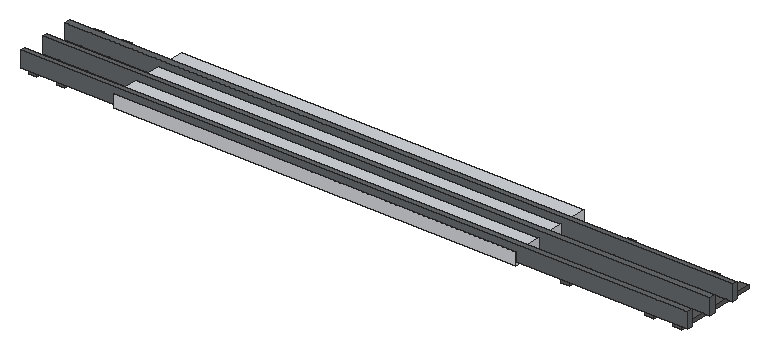
Revit family "1113-3, Solid", category Generic Models, host Face, Revit 2020
Family settings
  Host = Face
  Can host rebar = No
  Round Connector Dimension = Use Diameter
  Part Type = Normal
  Cut with Voids When Loaded = No
  Shared = No
  Room Calculation Point = No
Parameters
  min_value [instance] = 1' - 11 1/4"  # constant formula
  max_value [instance] = 11' - 11 1/4"  # constant formula
  actual_value [instance] = if(NET LENGTH < min_value, min_value, if(NET LENGTH > max_value, max_value, NET LENGTH))  # 7' - 11 1/4"
  SCRIM MATERIAL [instance] = SCRIM
  SCRIM [instance] = yes
  NET LENGTH [instance] = 7' - 11 1/4"
  Default Elevation = 4' - 0"
  BACKER MATERIAL [instance] = BLACK-BACKERS
  .. MEMBER WIDTH [instance] = 0' - 0 3/4"  # constant formula
  .. MEMBER MATERIAL [instance] = Solid Western Hemlock
  .. MEMBER LENGTH [instance] = actual_value  # 7' - 11 1/4"
  .. MEMBER DEPTH [instance] = 0' - 2 1/4"  # constant formula
  .. MEMBER COUNT [instance] = 3  # constant formula
  IMPORTANT NOTE!!!                                                                             *Backer layout is for visualization purposes only, final layout to be determined by 9Wood. [instance] = ""
Reference planes (in)
  plane 1 "Center (Front/Back)": y = 0
  plane 2: z = 1.82209
  plane 3 "Center (Left/Right)": x = 0
Forms (in)
  Extrusion 1, solid
    sketch origin (132, -33.80483, 0) x (1, 0, 0) y (0, 1, 0)
      loop
        line (-118.625, 33.80483) -> (-61.26146, 33.80483) -> (-61.26146, 45.86733) -> (-118.625, 45.86733) -> (-118.625, 33.80483)
    from 1.82209 to 0
Dimensions and locks (in)
  aligned and locked: Extrusion 1 to plane 2
  aligned and locked: plane 3 "Center (Left/Right)" to nested 1
Nested families (in)
  nested 1: "1100 SERIES CONFIG" at (0, 2, 0), .. MEMBER DEPTH <- ".. MEMBER DEPTH", .. MEMBER LENGTH <- ".. MEMBER LENGTH", .. MEMBER WIDTH <- ".. MEMBER WIDTH", .. MEMBER MATERIAL <- ".. MEMBER MATERIAL", BACKING M MATERIAL <- "BACKER MATERIAL", SCRIM  MATERIAL <- "SCRIM MATERIAL", .. MEMBER COUNT <- ".. MEMBER COUNT", SCRIM <- "SCRIM", type "1100 SERIES CONFIG"
    with X 7' - 8", SCRIM OVERHANG 2 0' - 0 3/32", SCRIM OVERHANG 0' - 0 7/8", SCRIM LENGTH 8' - 1", SCRIM  MATERIAL SCRIM, SCRIM yes, NOMINAL LENGTH 7, N 8, Inset 6' - 0 3/8", INSET 0' - 1", INDEX 0' - 5 5/8", HALF MEMBER WIDTH 0' - 0 3/8", HALF LENGTH 3' - 11 5/8", END BACKER yes, BACKING M WIDTH 0' - 1 1/4", BACKING M OC SPACING 1' - 0", BACKING M MATERIAL BLACK-BACKERS, BACKING M LENGTH 0' - 11 7/8", BACKING M DEPTH 0' - 0 1/2", BACKING M COUNT 8, 3/16" INSET 0' - 0 3/16", .. MEMBER WIDTH 0' - 0 3/4", .. MEMBER OC SPACING 0' - 4", .. MEMBER MATERIAL Solid Western Hemlock, .. MEMBER LENGTH 7' - 11 1/4", .. MEMBER DEPTH 0' - 2 1/4", .. MEMBER COUNT 3
Definition of nested family "1100 SERIES CONFIG"
  Parameters (values of type "1100 SERIES CONFIG")
    X [instance] = .. MEMBER LENGTH - 0' 3 1/4"  # 3' - 2"
    SCRIM OVERHANG 2 [instance] = 0' - 0 3/32"  # constant formula
    SCRIM OVERHANG [instance] = 0' - 0 7/8"  # constant formula
    SCRIM LENGTH [instance] = .. MEMBER LENGTH + (SCRIM OVERHANG * 2)  # 3' - 7"
    SCRIM  MATERIAL [instance] = none
    SCRIM [instance] = yes
    NOMINAL LENGTH [instance] = 7
    N [instance] = if((X - (rounddown(X / 1' 0") * 1' 0")) > 1' 0", rounddown(X / 1' 0") + 2, rounddown(X / 1' 0") + 1)  # 4
    Inset [instance] = 6' - 0 3/8"  # constant formula
    INSET [instance] = 0' - 1"  # constant formula
    INDEX [instance] = (.. MEMBER LENGTH - ((N - 1) * 1' 0")) / 2  # 0' - 2 5/8"
    HALF MEMBER WIDTH [instance] = .. MEMBER WIDTH / 2  # 0' - 0 5/16"
    HALF LENGTH [instance] = .. MEMBER LENGTH / 2  # 1' - 8 5/8"
    END BACKER [instance] = INDEX > 0' 3 5/8"  # no
    Default Elevation = 0' - 0"
    BACKING M WIDTH [instance] = 0' - 1 1/4"
    BACKING M SPACING = 3' - 3"
    BACKING M MATERIAL [instance] = none
    BACKING M LENGTH [instance] = 0' - 11 7/8"
    BACKING M DEPTH [instance] = 0' - 0 1/2"
    BACKING M COUNT [instance] = N  # 4
    BACKING M OC SPACING [instance] = 1' - 0"  # constant formula
    3/16" INSET [instance] = 0' - 0 3/16"  # constant formula
    .. MEMBER WIDTH [instance] = 0' - 0 5/8"
    .. MEMBER OC SPACING [instance] = 1' 0" / .. MEMBER COUNT  # 0' - 4"
    .. MEMBER MATERIAL [instance] = none
    .. MEMBER LENGTH [instance] = 3' - 5 1/4"
    .. MEMBER DEPTH [instance] = 0' - 1 3/8"
    .. MEMBER COUNT [instance] = 3
  Reference planes (in)
    plane 1 "Center (Front/Back)": y = -2
    plane 2: z = 0
    plane 3 "Center (Left/Right)": x = 0
    plane 4: x = 1
    plane 5: x = 2.625
    plane 6: x = 20.625
    plane 7: x = 41.25
    plane 8: x = 40.25
    plane 9: x = 14.625
    plane 10: y = -1.8125
    plane 11: y = -1.6875
    plane 12: y = 2.3125
    plane 13: x = 42.125
    plane 14: x = -0.875
    plane 15: z = 0.5
    plane 16: y = 10.0625
    plane 17: y = 10.15625
    plane 18: y = -2.09375
  Dimensions and locks (in)
    "INSET": plane 3 "Center (Left/Right)" to plane 4
    "INDEX": plane 3 "Center (Left/Right)" to plane 5
    "HALF LENGTH": plane 3 "Center (Left/Right)" to plane 6
    ".. MEMBER LENGTH": plane 3 "Center (Left/Right)" to plane 7
    "INSET": plane 8 to plane 7
    equal spacing: group 2, group 3, group 6, group 7  (x3)
    "3/16" INSET": plane 1 "Center (Front/Back)" to plane 10
    ".. MEMBER OC SPACING": plane 12 to plane 11
    "SCRIM OVERHANG": plane 14 to plane 3 "Center (Left/Right)"
    "SCRIM OVERHANG": plane 7 to plane 13
    equal spacing: group 5, group 4, group 1  (x2)
    equal spacing: group 1, group 4, group 5
    "HALF MEMBER WIDTH": plane 1 "Center (Front/Back)" to plane 11
    "BACKING M OC SPACING": plane 5 to plane 9
    "SCRIM OVERHANG 2": plane 17 to plane 16
    "SCRIM OVERHANG 2": plane 18 to plane 1 "Center (Front/Back)"
    aligned and locked: level to plane 2
    aligned and locked: plane 6 to nested 1
    aligned and locked: nested 2 to plane 4
    aligned and locked: plane 5 to nested 3
    aligned and locked: plane 1 "Center (Front/Back)" to nested 1
    aligned and locked: nested 2 to plane 10
    aligned and locked: nested 3 to plane 10
    aligned and locked: nested 5 to plane 10
    aligned and locked: nested 4 to plane 10
    aligned and locked: plane 12 to nested 6
    aligned and locked: nested 6 to plane 3 "Center (Left/Right)"
    aligned and locked: plane 9 to nested 5
    aligned and locked: plane 8 to nested 4
    aligned and locked: plane 15 to nested 2
    aligned and locked: nested 7 to plane 15
    aligned and locked: nested 6 to plane 15
  Nested families (in)
    nested 1: "INSTANCE - Parametric Cube" at (20.625, -1.6875, 1.875), Length <- ".. MEMBER WIDTH", Height <- ".. MEMBER DEPTH", Width <- ".. MEMBER LENGTH", Material <- ".. MEMBER MATERIAL", type "INSTANCE - Parametric Cube"
      with Width 3' - 5 1/4", Material none, Length 0' - 0 5/8", Height 0' - 1 3/8"
    nested 2: "2ND INSTANCE - Parametric Cube" at (1.625, 4.125, 0), Height <- "BACKING M DEPTH", Length <- "BACKING M LENGTH", Width <- "BACKING M WIDTH", Material <- "BACKING M MATERIAL", visible <- "END BACKER", type "2ND INSTANCE - Parametric Cube"
      with Width 0' - 1 1/4", Material none, Length 0' - 11 7/8", Height 0' - 0 1/2"
    nested 3: "2ND INSTANCE - Parametric Cube" at (2.625, 4.125, 0), Length <- "BACKING M LENGTH", Height <- "BACKING M DEPTH", Width <- "BACKING M WIDTH", Material <- "BACKING M MATERIAL", type "2ND INSTANCE - Parametric Cube"
      with Width 0' - 1 1/4", Material none, Length 0' - 11 7/8", Height 0' - 0 1/2"
    nested 4: "2ND INSTANCE - Parametric Cube" at (39.625, 4.125, 0), Width <- "BACKING M WIDTH", Length <- "BACKING M LENGTH", Height <- "BACKING M DEPTH", Material <- "BACKING M MATERIAL", visible <- "END BACKER", type "2ND INSTANCE - Parametric Cube"
      with Width 0' - 1 1/4", Material none, Length 0' - 11 7/8", Height 0' - 0 1/2"
    nested 5: "2ND INSTANCE - Parametric Cube" at (14.625, 4.125, 0), Length <- "BACKING M LENGTH", Height <- "BACKING M DEPTH", Width <- "BACKING M WIDTH", Material <- "BACKING M MATERIAL", type "2ND INSTANCE - Parametric Cube"
      with Width 0' - 1 1/4", Material none, Length 0' - 11 7/8", Height 0' - 0 1/2"
    nested 6: "INSTANCE - Parametric Cube" at (20.625, 2.3125, 1.875), Length <- ".. MEMBER WIDTH", Height <- ".. MEMBER DEPTH", Width <- ".. MEMBER LENGTH", Material <- ".. MEMBER MATERIAL", type "INSTANCE - Parametric Cube"
      with Width 3' - 5 1/4", Material none, Length 0' - 0 5/8", Height 0' - 1 3/8"
    nested 7: "INSTANCE - Parametric Cube" at (20.625, 6.3125, 1.875), Length <- ".. MEMBER WIDTH", Height <- ".. MEMBER DEPTH", Width <- ".. MEMBER LENGTH", Material <- ".. MEMBER MATERIAL", type "INSTANCE - Parametric Cube"
      with Width 3' - 5 1/4", Material none, Length 0' - 0 5/8", Height 0' - 1 3/8"
    nested 8: "2ND INSTANCE - Parametric Cube" at (26.625, 4.125, 0), Length <- "BACKING M LENGTH", Height <- "BACKING M DEPTH", Width <- "BACKING M WIDTH", Material <- "BACKING M MATERIAL", type "2ND INSTANCE - Parametric Cube"
      with Width 0' - 1 1/4", Material none, Length 0' - 11 7/8", Height 0' - 0 1/2"
    nested 9: "2ND INSTANCE - Parametric Cube" at (38.625, 4.125, 0), Length <- "BACKING M LENGTH", Height <- "BACKING M DEPTH", Width <- "BACKING M WIDTH", Material <- "BACKING M MATERIAL", type "2ND INSTANCE - Parametric Cube"
      with Width 0' - 1 1/4", Material none, Length 0' - 11 7/8", Height 0' - 0 1/2"
  Definition of nested family "INSTANCE - Parametric Cube"
    Parameters (values of type "INSTANCE - Parametric Cube")
      Width [instance] = 0' - 6"
      Material [instance] = none
      Length [instance] = 1' - 0"
      Height [instance] = 1' - 6"
      Default Elevation = 0' - 0"
    Reference planes (in)
      plane 1 "Center (Front/Back)": y = 0
      plane 2: z = 0
      plane 3 "Center (Left/Right)": x = 0
      plane 4: x = -3
      plane 5: x = 3
      plane 6: y = 6
      plane 7: y = -6
      plane 8: z = -18
    Forms (in)
      Extrusion 1, solid, material <- "Material"
        sketch origin (0, 0, 0) x (1, 0, 0) y (0, 1, 0)
          loop
            line (-3, 6) -> (-3, -6) -> (3, -6) -> (3, 6) -> (-3, 6)
        from -18 to 0
    Dimensions and locks (in)
      equal spacing: plane 4, plane 3 "Center (Left/Right)", plane 5
      equal spacing: plane 6, plane 1 "Center (Front/Back)", plane 7
      "Length": plane 6 to plane 7
      "Width": plane 4 to plane 5
      "Height": plane 8 to level
      aligned and locked: plane 2 to level
      aligned and locked: Extrusion 1 sketch curve to plane 6
      aligned and locked: plane 4 to Extrusion 1 sketch curve
      aligned and locked: plane 7 to Extrusion 1 sketch curve
      aligned and locked: Extrusion 1 sketch curve to plane 5
      aligned and locked: Extrusion 1 to plane 8
  Definition of nested family "2ND INSTANCE - Parametric Cube"
    Parameters (values of type "2ND INSTANCE - Parametric Cube")
      Width [instance] = 0' - 6"
      Material [instance] = none
      Length [instance] = 1' - 0"
      Height [instance] = 1' - 6"
      Default Elevation = 0' - 0"
    Reference planes (in)
      plane 1 "Center (Front/Back)": y = 0
      plane 2: z = 0
      plane 3 "Center (Left/Right)": x = 0
      plane 4: x = -3
      plane 5: x = 3
      plane 6: y = 6
      plane 7: y = -6
      plane 8: z = 18
    Forms (in)
      Extrusion 1, solid, material <- "Material"
        sketch origin (0, 0, 0) x (1, 0, 0) y (0, 1, 0)
          loop
            line (-3, 6) -> (-3, -6) -> (3, -6) -> (3, 6) -> (-3, 6)
        from 0 to 18
    Dimensions and locks (in)
      equal spacing: plane 4, plane 3 "Center (Left/Right)", plane 5
      equal spacing: plane 6, plane 1 "Center (Front/Back)", plane 7
      "Length": plane 6 to plane 7
      "Width": plane 4 to plane 5
      "Height": level to plane 8
      aligned and locked: plane 2 to level
      aligned and locked: Extrusion 1 sketch curve to plane 6
      aligned and locked: plane 4 to Extrusion 1 sketch curve
      aligned and locked: plane 7 to Extrusion 1 sketch curve
      aligned and locked: Extrusion 1 sketch curve to plane 5
      aligned and locked: plane 8 to Extrusion 1
      aligned and locked: Extrusion 1 to level
